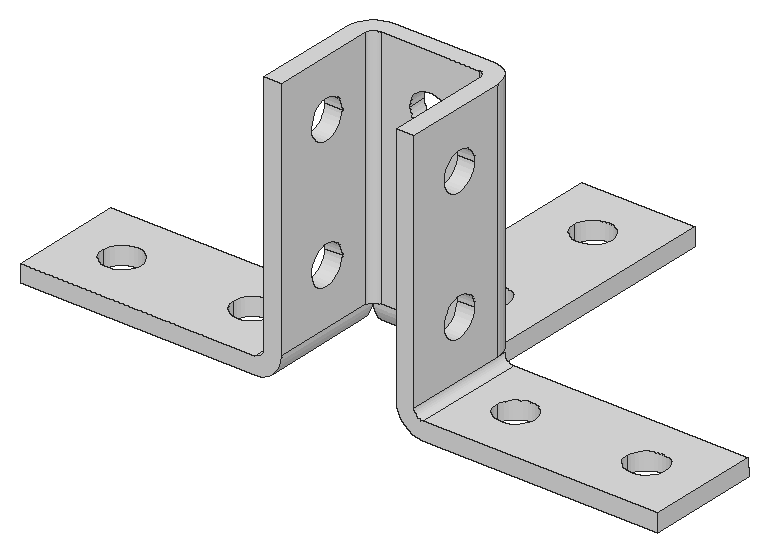
Revit family "P2229_Wing_Shape_Fitting", category Generic Models, Revit 2020
Family settings
  Can host rebar = No
  Round Connector Dimension = Use Diameter
  Part Type = Normal
  OmniClass Number = 23.80.30.17.17
  OmniClass Title = Cable Trays and Horizontal Racks
  Work Plane-Based = Yes
  Always vertical = No
  Cut with Voids When Loaded = No
  Shared = No
  Room Calculation Point = No
Parameters (values of type "P2229 EG")
  Wing Length = 3.750"
  Width = 1.65625"
  Weight = 2.300 lbm
  URL = "https://www.atkore.com/products/strut-and-fittings/p2229"
  UPC = "\"78636402728\""
  Type Comments = "80_77_27_15"
  Thickness = 0.250"
  Salsify ID6 = " "
  Salsify ID5 = " "
  Salsify ID4 = " "
  Salsify ID3 = " "
  Salsify ID2 = " "
  Salsify ID1 = "US-P2229"
  Power-Strut Part Number = "PS 669 EG"
  Part Number = "P2229 EG"
  Model = "P2229"
  Material = Electro Galvanized
  Manufacturer = "Atkore Unistrut"
  Hole Diameter = 0.5625"
  Disclaimer = "https://www.unistrut.us/model-disclaimer/"
  Description = "P2229 - Wing Shape Fitting"
  Depth = 1.625"
  Default Elevation = 48.000"
  Center Distance From Top = 0.80859"
  Center Distance From Edge = 0.8125"
Types (5): name | Weight | UPC | Salsify ID6 | Salsify ID5 | Salsify ID4 | Salsify ID3 | Salsify ID2 | Power-Strut Part Number | Part Number | Material | Center Distance From Edge
  P2229 EG | 2.300 lbm | "\"78636402728\"" | " " | " " | " " | " " | " " | "PS 669 EG" | "P2229 EG" | Electro Galvanized | 0.8125"
  P2229 HG | 2.440 lbm | "\"786364027302\"" | "" | "" | "" | "" | "" | "" | "P2229 HG" | Hot Dip Galvanized | 0.82812"
  P2229 GR | 2.300 lbm | "\"786364027296\"" | "" | "" | "" | "" | "" | "" | "P2229 GR" | Green | 0.8125"
  P2229 SS | 2.300 lbm | "\"786364050287\"" | "" | "" | "" | "" | "" | "" | "P2229 SS" | Stainless Steel | 0.8125"
  P2229 ZD | 2.300 lbm | "\"786364040172\"" | "" | "" | "" | "" | "" | "" | "P2229 ZD" | Zinc Dichromate | 0.82812"
Reference planes (in)
  plane 1 "Center (Front/Back)": y = 0
  plane 2: z = 0
  plane 3 "Center (Left/Right)": x = 0
  plane 4: x = 0.82813
  plane 5: x = -0.82812
  plane 6: y = 0.8125
  plane 7: y = -0.8125
  plane 8: x = 1.07813
  plane 9: y = 1.0625
  plane 10: x = -1.07812
  plane 11: x = -4.57812
  plane 12: x = 4.57813
  plane 13: y = 4.5625
  plane 14: x = -0.8125
  plane 15: x = 0.8125
  plane 16: z = 0.25
  plane 17: z = 0.25
Forms (in)
  Extrusion 1, solid, material "Electro Galvanized" <- "Material"
    sketch origin (0, 0, 0) x (1, 0, 0) y (0, 1, 0)
      loop
        line (-0.82812, -0.8125) -> (-0.82812, 0.6875)
        arc (-0.82812, 0.6875) -> (-0.79151, 0.77589) -> (-0.70312, 0.8125) r 0.125
        line (-0.70312, 0.8125) -> (0.70313, 0.8125)
        arc (0.70313, 0.8125) -> (0.79151, 0.77589) -> (0.82813, 0.6875) r 0.125
        line (0.82813, 0.6875) -> (0.82813, -0.8125) -> (1.07813, -0.8125) -> (1.07813, 0.6875)
        arc (1.07813, 0.6875) -> (0.96829, 0.95267) -> (0.70313, 1.0625) r 0.375
        line (0.70313, 1.0625) -> (-0.70312, 1.0625)
        arc (-0.70312, 1.0625) -> (-0.96829, 0.95267) -> (-1.07812, 0.6875) r 0.375
        line (-1.07812, 0.6875) -> (-1.07812, -0.8125) -> (-0.82812, -0.8125)
    from 0.375 to 3.875
  Extrusion 2, solid, material "Electro Galvanized" <- "Material"
    sketch origin (0, 0, 0) x (1, 0, 0) y (0, 0, 1)
      loop
        line (1.20313, 0) -> (4.57813, 0) -> (4.57813, 0.25) -> (1.20313, 0.25)
        arc (1.20313, 0.25) -> (1.11474, 0.28661) -> (1.07813, 0.375) r 0.125
        line (1.07813, 0.375) -> (0.82813, 0.375)
        arc (0.82813, 0.375) -> (0.93796, 0.10983) -> (1.20313, 0) r 0.375
      loop
        arc (-1.20312, 0) -> (-0.93796, 0.10983) -> (-0.82812, 0.375) r 0.375
        line (-0.82812, 0.375) -> (-1.07812, 0.375)
        arc (-1.07812, 0.375) -> (-1.11474, 0.28661) -> (-1.20312, 0.25) r 0.125
        line (-1.20312, 0.25) -> (-4.57812, 0.25) -> (-4.57812, 0) -> (-1.20312, 0)
    from -0.8125 to 0.8125
  Extrusion 3, solid, material "Electro Galvanized" <- "Material"
    sketch origin (0, 0, 0) x (0, 1, 0) y (0, 0, 1)
      loop
        line (1.1875, 0) -> (4.5625, 0) -> (4.5625, 0.25) -> (1.1875, 0.25)
        arc (1.1875, 0.25) -> (1.09911, 0.28661) -> (1.0625, 0.375) r 0.125
        line (1.0625, 0.375) -> (0.8125, 0.375)
        arc (0.8125, 0.375) -> (0.92233, 0.10983) -> (1.1875, 0) r 0.375
    from -0.8125 to 0.8125
  Extrusion 4, void
    sketch origin (0, 0, 0) x (1, 0, 0) y (0, 1, 0)
      loop
        circle (0, 1.875) r 0.28125
      loop
        circle (1.89063, 0) r 0.28125
      loop
        circle (-1.89062, 0) r 0.28125
      loop
        circle (-3.76562, 0) r 0.28125
      loop
        circle (0, 3.75) r 0.28125
      loop
        circle (3.76563, 0) r 0.28125
    from 0 to 0.25
  Extrusion 5, void
    sketch origin (0, 0, 0) x (1, 0, 0) y (0, 0, 1)
      loop
        circle (0, 3.06641) r 0.28125
      loop
        circle (0, 1.19141) r 0.28125
    from -1.0625 to -0.8125
  Extrusion 6, void
    sketch origin (0, 0, 0) x (0, 1, 0) y (0, 0, 1)
      loop
        circle (0, 3.06641) r 0.28125
      loop
        circle (0, 1.19141) r 0.28125
    from -1.07812 to 1.07813
Cuts and joins
  Extrusion 5, Extrusion 6 cuts Extrusion 1
  Extrusion 4, Extrusion 6 cuts Extrusion 2
  Extrusion 4, Extrusion 6 cuts Extrusion 3
  joined: Extrusion 1, Extrusion 2, Extrusion 3
Dimensions and locks (in)
  equal spacing: plane 5, plane 3 "Center (Left/Right)", plane 4
  "Width": plane 5 to plane 4
  equal spacing: plane 7, plane 1 "Center (Front/Back)", plane 6
  "Depth": plane 7 to plane 6
  "Thickness": plane 10 to plane 5
  "Thickness": plane 4 to plane 8
  "Thickness": plane 6 to plane 9
  "Wing Length": plane 11 to plane 5
  "Wing Length": plane 4 to plane 12
  "Wing Length": plane 6 to plane 13
  "Depth": plane 14 to plane 15
  "Thickness": plane 16 to level
  "Thickness": plane 17 to level
  "Center Distance From Edge": Extrusion 4 sketch curve to plane 10
  "Center Distance From Edge": plane 9 to Extrusion 4 sketch curve
  "Center Distance From Edge": plane 8 to Extrusion 4 sketch curve
  "Center Distance From Top": cut or joined group of Extrusion 1, Extrusion 2, Extrusion 3, Extrusion 4, Extrusion 5, Extrusion 6 to Extrusion 5 sketch curve
  "Center Distance From Top": cut or joined group of Extrusion 1, Extrusion 2, Extrusion 3, Extrusion 4, Extrusion 5, Extrusion 6 to Extrusion 6 sketch curve
  Extrusion 6 sketch curve to Extrusion 6 sketch curve = 1.875"
  Extrusion 5 sketch curve to Extrusion 5 sketch curve = 1.875"
  "Center Distance From Edge": plane 11 to Extrusion 4 sketch curve
  "Center Distance From Edge": Extrusion 4 sketch curve to plane 13
  "Center Distance From Edge": Extrusion 4 sketch curve to plane 12
  "Hole Diameter": diameter of Extrusion 4 sketch curve  (x6)
  "Hole Diameter": diameter of Extrusion 5 sketch curve  (x2)
  "Hole Diameter": diameter of Extrusion 6 sketch curve  (x2)
  aligned and locked: plane 2 to level
  aligned and locked: plane 7 to Extrusion 1 sketch curve  (x2)
  aligned and locked: plane 5 to Extrusion 1 sketch curve
  aligned and locked: Extrusion 1 sketch curve to plane 10
  aligned and locked: plane 6 to Extrusion 1 sketch curve
  aligned and locked: Extrusion 1 sketch curve to plane 9
  aligned and locked: plane 8 to Extrusion 1 sketch curve
  aligned and locked: Extrusion 1 sketch curve to plane 4
  aligned and locked: plane 16 to Extrusion 2 sketch curve
  aligned and locked: Extrusion 2 sketch curve to plane 16
  aligned and locked: Extrusion 2 sketch curve to level
  aligned and locked: plane 12 to Extrusion 2 sketch curve
  aligned and locked: level to Extrusion 2 sketch curve
  aligned and locked: plane 11 to Extrusion 2 sketch curve
  aligned and locked: Extrusion 2 to plane 6
  aligned and locked: plane 7 to Extrusion 2
  aligned and locked: Extrusion 3 sketch curve to plane 17
  aligned and locked: plane 13 to Extrusion 3 sketch curve
  aligned and locked: level to Extrusion 3 sketch curve
  aligned and locked: Extrusion 3 sketch curve to Extrusion 2
  aligned and locked: Extrusion 3 to plane 14
  aligned and locked: plane 15 to Extrusion 3
  aligned and locked: plane 1 "Center (Front/Back)" to Extrusion 4 sketch curve  (x4)
  aligned and locked: plane 3 "Center (Left/Right)" to Extrusion 4 sketch curve  (x2)
  aligned and locked: Extrusion 4 to Extrusion 2
  aligned and locked: cut or joined group of Extrusion 1, Extrusion 2, Extrusion 3, Extrusion 4, Extrusion 5, Extrusion 6 to Extrusion 5
  aligned and locked: Extrusion 5 to cut or joined group of Extrusion 1, Extrusion 2, Extrusion 3, Extrusion 4, Extrusion 5, Extrusion 6
  aligned and locked: Extrusion 4 to level
  aligned and locked: Extrusion 1 to Extrusion 6  (x2)
  aligned and locked: plane 1 "Center (Front/Back)" to Extrusion 6 sketch curve
Automatic sketch dimensions
  Extrusion 1 sketch curve to Extrusion 1 sketch curve = 0.000"  (x2)
  Extrusion 1 sketch curve to Extrusion 1 sketch curve = 0.125"
  Extrusion 1 sketch curve to plane 4 = 0.125"
  Extrusion 3 sketch curve to Extrusion 3 sketch curve = 0.000"  (x3)
  Extrusion 3 sketch curve to plane 9 = 0.000"
  Extrusion 3 sketch curve to plane 9 = 0.125"
  Extrusion 2 sketch curve to Extrusion 2 sketch curve = 0.000"  (x4)
  Extrusion 2 sketch curve to plane 10 = 0.000"  (x2)
  Extrusion 2 sketch curve to plane 4 = 0.000"
  Extrusion 2 sketch curve to plane 8 = 0.000"
  Extrusion 2 sketch curve to Extrusion 2 sketch curve = 0.125"
  plane 8 to Extrusion 2 sketch curve = 0.125"
  Extrusion 5 sketch curve to plane 3 "Center (Left/Right)" = 0.000"  (x2)
  Extrusion 6 sketch curve to plane 1 "Center (Front/Back)" = 0.000"
